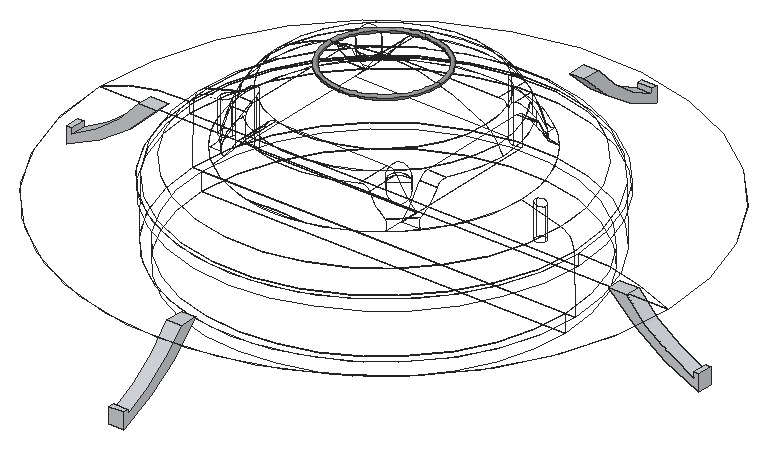
Revit family "Maxlogic Извещатель  с монтажным комплектом для установки извещателя в подвесной потолок", category Fire Alarm Devices, host Face, Revit 2021
Family settings
  Host = Face
  Maintain Annotation Orientation = Yes
  Round Connector Dimension = Use Diameter
  Part Type = Normal
  OmniClass Number = 23.85.30.21
  OmniClass Title = Environmental Detection/Registration
  Cut with Voids When Loaded = No
  Shared = No
  Room Calculation Point = No
Parameters (values of type "Maxlogic Неадресный максимальный тепловой извещатель, с монтажным комплектом для установки извещателя в подвесной потолок")
  Радиус обнаружения = "4,5 m"
  Вес = "135 гр"
  Монтажный короб для установки извещателя с поверхностной прокладкой кабеля = "ML-0121"
  Гарантийный срок = "Года"
  Гарантийный срок запчастей = "2"
  Гарантия срока службы = "2"
  Версия = ""
  URL = "https://www.mavili.com.tr/"
  Монтажный комплект для установки извещателя в подвесной потолок = "ML-0150"
  Номер позы общественных работ = "832-102"
  Класс защиты = ""
  Код продукта = "ML-2120"
  Номер телефона = "(+)90 216 466 45 05"
  Рабочее напряжение (по умолчанию) = "26В Пост. ток"
  Диапазон рабочего напряжения = "10-30В Пост. ток"
  Рабочая Температура = "(-10°C) - (+50°C)"
  Номинальная глубина = "51 мм"
  Номинальная ширина = "106 мм"
  Номинальная высота = "106 мм"
  Multi sensör halka = no
  Монтажная поверхность = "Потолочная"
  Монтажная высота = ""
  Model = "Maxlogic"
  Manufacturer = "Mavili Elektronik Ticaret A.Ş."
  Isı halka = yes
  Инструкция по установке = "https://mavilielektronik.com/Revit/ML21XX_RU.pdf"
  Выход индикации = "MG-4000"
  Номер факса = "(+)90 216 466 45 10"
  Резервное питание = ""
  Почта = "mavili@mavili.com.tr"
  Отказ = ""
  Настройка адреса устройства = ""
  Description = "Maxlogic Неадресный максимальный тепловой извещатель, с монтажным комплектом для установки извещателя в подвесной потолок"
  Default Elevation = 0 mm
  Потребление тока = ""
  Валюта = ""
  Cost = 0
  Совместимые базы для монтажа 2 = "ML-0141"
  Совместимые базы для монтажа = "ML-0140"
  Цвет = "Белый"
  Производительность кода = "EN 54-5"
  Главный Материал = "Белый пластмассовый PC/ABS"
  Вторичный материал = "Пластмассовый"
  Адрес №1 = "Şerifali Mahallesi Kutup Sokak No:27/1-2-4 Ümraniye TR-34775 İSTANBUL"
Types (11, lengths in mm): name | Радиус обнаружения | Вес | Номер позы общественных работ | Код продукта | Рабочее напряжение (по умолчанию) | Диапазон рабочего напряжения | Multi sensör halka | Isı halka | Инструкция по установке | Выход индикации | Настройка адреса устройства | Description | Производительность кода
  (no name) | "4,5 m" | "135 гр" | "832-102" | "ML-2120" | "26В Пост. ток" | "10-30В Пост. ток" | no | yes | "https://mavilielektronik.com/Revit/ML21XX_RU.pdf" | "MG-4000" | "" | "Maxlogic Неадресный максимальный тепловой извещатель, с монтажным комплектом для установки извещателя в подвесной потолок" | "EN 54-5"
  Maxlogic Неадресный извещатель дымовой оптико-электронный, с монтажным комплектом для установки | "6,2 m" | "140 гр" | "832-106" | "ML-2110" | "26В Пост. ток" | "10-30В Пост. ток" | no | no | "https://mavilielektronik.com/Revit/ML21XX_RU.pdf" | "MG-4000" | "" | "Maxlogic Неадресный извещатель дымовой оптико-электронный, с монтажным комплектом для установки\r\nизвещателя в подвесной потолок" | "EN 54-7"
  Maxlogic Адресный извещатель дымовой оптико-электронный, с монтажным комплектом для установки | "6,2 m" | "100 гр" | "833-500" | "ML-1110" | "26В Пост. ток" | "18-33В Пост. ток" | no | no | "https://mavilielektronik.com/Revit/ML11XX_RU.pdf" | "MG-4000.A" | "Модульная адресация" | "Maxlogic Адресный извещатель дымовой оптико-электронный, с монтажным комплектом для установки\r\nизвещателя в подвесной потолок" | "EN 54-7"
  Maxlogic Адресный извещатель дымовой оптико-электронный, с изолятором КЗ с монтажным комплектом для установки извещателя в подвесной потолок | "6,2 m" | "100 гр" | "833-501" | "ML-1110.SCI" | "26В Пост. ток" | "18-33В Пост. ток" | no | no | "https://mavilielektronik.com/Revit/ML11XX_RU.pdf" | "MG-4000.A" | "Модульная адресация" | "Maxlogic Адресный извещатель дымовой оптико-электронный, с изолятором КЗ с монтажным комплектом для установки извещателя в подвесной потолок" | "EN 54-7 / EN 54-17"
  Maxlogic Неадресный максимальный тепловой извещатель, с монтажным комплектом для установки извещателя в подвесной потолок | "4,5 m" | "135 гр" | "832-102" | "ML-2120" | "26В Пост. ток" | "10-30В Пост. ток" | no | yes | "https://mavilielektronik.com/Revit/ML21XX_RU.pdf" | "MG-4000" | "" | "Maxlogic Неадресный максимальный тепловой извещатель, с монтажным комплектом для установки извещателя в подвесной потолок" | "EN 54-5"
  Maxlogic Неадресный максимально-дифференциальный тепловой извещатель, с монтажным комплектом для установки извещателя в подвесной потолок | "4,5 m" | "135 гр" | "832-103" | "ML-2130" | "26В Пост. ток" | "10-30В Пост. ток" | no | yes | "https://mavilielektronik.com/Revit/ML21XX_RU.pdf" | "MG-4000" | "" | "Maxlogic Неадресный максимально-дифференциальный тепловой извещатель, с монтажным комплектом для установки извещателя в подвесной потолок" | "EN 54-5"
  Maxlogic Адресный тепловой извещатель, с монтажным комплектом для установки извещателя в подвесной потолок | "4,5 m" | "95 гр" | "833-520" | "ML-1130" | "26В Пост. ток" | "18-33В Пост. ток" | no | yes | "https://mavilielektronik.com/Revit/ML11XX_RU.pdf" | "MG-4000.A" | "Модульная адресация" | "Maxlogic Адресный тепловой извещатель, с монтажным комплектом для установки извещателя в подвесной потолок" | "EN 54-5"
  Maxlogic Адресный тепловой извещатель, с изолятором КЗ, с монтажным комплектом для установки извещателя в подвесной потолок | "4,5 m" | "95 гр" | "833-521" | "ML-1130.SCI" | "26В Пост. ток" | "18-33В Пост. ток" | no | yes | "https://mavilielektronik.com/Revit/ML11XX_RU.pdf" | "MG-4000.A" | "Модульная адресация" | "Maxlogic Адресный тепловой извещатель, с изолятором КЗ, с монтажным комплектом для установки извещателя в подвесной потолок" | "EN 54-5 / EN 54-17"
  Maxlogic Неадресный извещатель комбинированый (Дым + Тепла),с монтажным комплектом для установки извещателя в подвесной потолок | "4,5 m" | "141 гр" | "832-109" | "ML-2140" | "26В Пост. ток" | "10-30В Пост. ток" | yes | yes | "https://mavilielektronik.com/Revit/ML21XX_RU.pdf" | "MG-4000" | "" | "Maxlogic Неадресный извещатель комбинированый (Дым + Тепла),с монтажным комплектом для установки извещателя в подвесной потолок" | "EN 54-5 / EN 54-7"
  Maxlogic Адресный извещатель комбинированый (Дым + Тепла),с монтажным комплектом для установки извещателя в подвесной потолок | "4,5 m" | "100 гр" | "833-530" | "ML-1140" | "26В Пост. ток" | "18-33В Пост. ток" | yes | yes | "https://mavilielektronik.com/Revit/ML11XX_RU.pdf" | "MG-4000.A" | "Модульная адресация" | "Maxlogic Адресный извещатель комбинированый (Дым + Тепла),с монтажным комплектом для установки извещателя в подвесной потолок" | "EN 54-5 / EN 54-7 / EN 54-17"
  Maxlogic Адресный извещатель комбинированый (Дым + Тепла),с изолятором КЗ, с монтажным комплектом для установки извещателя в подвесной потолок | "4,5 m" | "100 гр" | "833-531" | "ML-1140.SCI" | "26 В Пост. ток" | "18-33В Пост. ток" | yes | yes | "https://mavilielektronik.com/Revit/ML11XX_RU.pdf" | "MG-4000.A" | "Модульная адресация" | "Maxlogic Адресный извещатель комбинированый (Дым + Тепла),с изолятором КЗ, с монтажным комплектом для установки извещателя в подвесной потолок" | "EN 54-5 / EN 54-7 / EN 54-17"
Reference planes
  plane 1 "Center (Front/Back)": y = 0
  plane 2: z = 0
  plane 3 "Center (Left/Right)": x = 0
Forms (mm)
  Revolve 1, solid, material "Mavili beyaz"
    sketch origin (0, 0, -16) x (1, 0, 0) y (0, 0, 1)
      loop
        line (-52.919, 5) -> (0, 5) -> (0, 51.518)
        arc (0, 51.518) -> (-14.553, 49.716) -> (-28.057, 44) r 53.06
        arc (-28.057, 44) -> (-30.023, 42.467) -> (-31.557, 40.5) r 10.149
        arc (-31.557, 40.5) -> (-33.994, 35.835) -> (-35.524, 30.799) r 28.268
        arc (-35.524, 30.799) -> (-36.595, 29.67) -> (-38, 29) r 4.27
        line (-38, 29) -> (-48.929, 26.072)
        arc (-48.929, 26.072) -> (-51.575, 24.32) -> (-52.634, 21.329) r 5
        line (-52.634, 21.329) -> (-52.919, 5)
      axis (0, 5) -> (0, 51.518)
    angle from 0 to 360
  Revolve 2, solid, material "Mavili beyaz"
    sketch origin (-150, 0, -16) x (1, 0, 0) y (0, 0, 1)
      loop
        line (99.626, 5) -> (99.626, 0) -> (149.926, 0) -> (149.926, 5) -> (99.626, 5)
      axis (149.926, 0) -> (149.926, 5)
    angle from 0 to 360
  Extrusion 3, void
    sketch origin (-0.604, 5.6, -16) x (0, -1, 0) y (0, 0, 1)
      loop
        spline (-12.932, 36.606) -> (-13.32, 35.909) -> (-13.72, 35.223) -> (-14.132, 34.547) -> (-14.556, 33.882) -> (-14.992, 33.229) -> (-15.439, 32.588) -> (-15.897, 31.958) -> (-16.366, 31.341) -> (-16.847, 30.737) -> (-17.338, 30.145) -> (-17.839, 29.566) -> (-18.351, 29)
        line (-18.351, 29) -> (29.551, 29)
        spline (29.551, 29) -> (28.951, 29.556) -> (28.363, 30.124) -> (27.786, 30.704) -> (27.219, 31.297) -> (26.664, 31.901) -> (26.121, 32.516) -> (25.589, 33.143) -> (25.07, 33.781) -> (24.562, 34.43) -> (24.067, 35.09) -> (23.585, 35.759) -> (23.115, 36.439)
        spline (23.115, 36.439) -> (22.965, 36.668) -> (22.796, 36.886) -> (22.611, 37.091) -> (22.411, 37.28) -> (22.199, 37.451) -> (21.978, 37.602) -> (21.751, 37.73) -> (21.521, 37.835) -> (21.289, 37.914) -> (21.06, 37.967) -> (20.837, 37.993) -> (20.618, 38)
        line (20.618, 38) -> (-10.439, 37.994)
        spline (-10.439, 37.994) -> (-10.678, 37.983) -> (-10.918, 37.951) -> (-11.159, 37.897) -> (-11.397, 37.822) -> (-11.63, 37.727) -> (-11.856, 37.613) -> (-12.072, 37.481) -> (-12.276, 37.332) -> (-12.466, 37.169) -> (-12.64, 36.992) -> (-12.796, 36.804) -> (-12.932, 36.606)
    from 23.347 to 38.235
  Extrusion 4, void
    sketch origin (5.6, -13.629, -16) x (-1, 0, 0) y (0, 0, -1)
      loop
        spline (-12.932, -36.606) -> (-12.796, -36.804) -> (-12.64, -36.992) -> (-12.466, -37.169) -> (-12.276, -37.332) -> (-12.072, -37.481) -> (-11.856, -37.613) -> (-11.63, -37.727) -> (-11.397, -37.822) -> (-11.159, -37.897) -> (-10.918, -37.951) -> (-10.678, -37.983) -> (-10.439, -37.994)
        line (-10.439, -37.994) -> (20.618, -38)
        spline (20.618, -38) -> (20.837, -37.993) -> (21.06, -37.967) -> (21.289, -37.914) -> (21.521, -37.835) -> (21.751, -37.73) -> (21.978, -37.602) -> (22.199, -37.451) -> (22.411, -37.28) -> (22.611, -37.091) -> (22.796, -36.886) -> (22.965, -36.668) -> (23.115, -36.439)
        spline (23.115, -36.439) -> (23.585, -35.759) -> (24.067, -35.09) -> (24.562, -34.43) -> (25.07, -33.781) -> (25.589, -33.143) -> (26.121, -32.516) -> (26.664, -31.901) -> (27.219, -31.297) -> (27.786, -30.704) -> (28.363, -30.124) -> (28.951, -29.556) -> (29.551, -29)
        line (29.551, -29) -> (-18.351, -29)
        spline (-18.351, -29) -> (-17.839, -29.566) -> (-17.338, -30.145) -> (-16.847, -30.737) -> (-16.366, -31.341) -> (-15.897, -31.958) -> (-15.439, -32.588) -> (-14.992, -33.229) -> (-14.556, -33.882) -> (-14.132, -34.547) -> (-13.72, -35.223) -> (-13.32, -35.909) -> (-12.932, -36.606)
    from 5.109 to 23.424
  Extrusion 5, void
    sketch origin (5.6, 59.203, -16) x (-1, 0, 0) y (0, 0, 1)
      loop
        spline (-12.932, 36.606) -> (-13.32, 35.909) -> (-13.72, 35.223) -> (-14.132, 34.547) -> (-14.556, 33.882) -> (-14.992, 33.229) -> (-15.439, 32.588) -> (-15.897, 31.958) -> (-16.366, 31.341) -> (-16.847, 30.737) -> (-17.338, 30.145) -> (-17.839, 29.566) -> (-18.351, 29)
        line (-18.351, 29) -> (29.551, 29)
        spline (29.551, 29) -> (28.951, 29.556) -> (28.363, 30.124) -> (27.786, 30.704) -> (27.219, 31.297) -> (26.664, 31.901) -> (26.121, 32.516) -> (25.589, 33.143) -> (25.07, 33.781) -> (24.562, 34.43) -> (24.067, 35.09) -> (23.585, 35.759) -> (23.115, 36.439)
        spline (23.115, 36.439) -> (22.965, 36.668) -> (22.796, 36.886) -> (22.611, 37.091) -> (22.411, 37.28) -> (22.199, 37.451) -> (21.978, 37.602) -> (21.751, 37.73) -> (21.521, 37.835) -> (21.289, 37.914) -> (21.06, 37.967) -> (20.837, 37.993) -> (20.618, 38)
        line (20.618, 38) -> (-10.439, 37.994)
        spline (-10.439, 37.994) -> (-10.678, 37.983) -> (-10.918, 37.951) -> (-11.159, 37.897) -> (-11.397, 37.822) -> (-11.63, 37.727) -> (-11.856, 37.613) -> (-12.072, 37.481) -> (-12.276, 37.332) -> (-12.466, 37.169) -> (-12.64, 36.992) -> (-12.796, 36.804) -> (-12.932, 36.606)
    from -39.5 to -20.535
  Extrusion 6, void
    sketch origin (39.396, 5.6, -16) x (0, -1, 0) y (0, 0, 1)
      loop
        spline (-12.932, 36.606) -> (-13.32, 35.909) -> (-13.72, 35.223) -> (-14.132, 34.547) -> (-14.556, 33.882) -> (-14.992, 33.229) -> (-15.439, 32.588) -> (-15.897, 31.958) -> (-16.366, 31.341) -> (-16.847, 30.737) -> (-17.338, 30.145) -> (-17.839, 29.566) -> (-18.351, 29)
        line (-18.351, 29) -> (29.551, 29)
        spline (29.551, 29) -> (28.951, 29.556) -> (28.363, 30.124) -> (27.786, 30.704) -> (27.219, 31.297) -> (26.664, 31.901) -> (26.121, 32.516) -> (25.589, 33.143) -> (25.07, 33.781) -> (24.562, 34.43) -> (24.067, 35.09) -> (23.585, 35.759) -> (23.115, 36.439)
        spline (23.115, 36.439) -> (22.965, 36.668) -> (22.796, 36.886) -> (22.611, 37.091) -> (22.411, 37.28) -> (22.199, 37.451) -> (21.978, 37.602) -> (21.751, 37.73) -> (21.521, 37.835) -> (21.289, 37.914) -> (21.06, 37.967) -> (20.837, 37.993) -> (20.618, 38)
        line (20.618, 38) -> (-10.439, 37.994)
        spline (-10.439, 37.994) -> (-10.678, 37.983) -> (-10.918, 37.951) -> (-11.159, 37.897) -> (-11.397, 37.822) -> (-11.63, 37.727) -> (-11.856, 37.613) -> (-12.072, 37.481) -> (-12.276, 37.332) -> (-12.466, 37.169) -> (-12.64, 36.992) -> (-12.796, 36.804) -> (-12.932, 36.606)
    from 0.766 to 15.446
  Extrusion 7, void
    sketch origin (1.322, 1.416, -12) x (0.087156, -0.996195, 0) y (-0.996195, -0.087156, 0)
      loop
        spline (16.87, 24.595) -> (16.963, 24.272) -> (17.107, 23.921) -> (17.305, 23.553) -> (17.56, 23.185) -> (17.87, 22.83) -> (18.224, 22.508) -> (18.612, 22.228) -> (19.022, 21.999) -> (19.436, 21.825) -> (19.839, 21.707) -> (20.213, 21.639) -> (20.55, 21.615)
        arc (20.55, 21.615) -> (22.96, 22.422) -> (24.65, 24.318) r 4.946
        spline (24.65, 24.318) -> (24.838, 24.591) -> (24.975, 24.904) -> (25.062, 25.252) -> (25.095, 25.63) -> (25.076, 26.032) -> (25.004, 26.452) -> (24.88, 26.884) -> (24.706, 27.321) -> (24.484, 27.757) -> (24.219, 28.185) -> (23.914, 28.599) -> (23.573, 28.992)
        spline (23.573, 28.992) -> (23.149, 29.264) -> (22.709, 29.497) -> (22.26, 29.69) -> (21.807, 29.839) -> (21.358, 29.942) -> (20.919, 29.998) -> (20.495, 30.005) -> (20.094, 29.964) -> (19.72, 29.875) -> (19.379, 29.74) -> (19.075, 29.561) -> (18.814, 29.339)
        arc (18.814, 29.339) -> (17.158, 27.248) -> (16.87, 24.595) r 4.815
    from -45.772 to -25
  Extrusion 8, void
    sketch origin (-1.322, -1.416, -12) x (-0.087156, 0.996195, 0) y (0.996195, 0.087156, 0)
      loop
        spline (16.87, 24.595) -> (16.963, 24.272) -> (17.107, 23.921) -> (17.305, 23.553) -> (17.56, 23.185) -> (17.87, 22.83) -> (18.224, 22.508) -> (18.612, 22.228) -> (19.022, 21.999) -> (19.436, 21.825) -> (19.839, 21.707) -> (20.213, 21.639) -> (20.55, 21.615)
        arc (20.55, 21.615) -> (22.96, 22.422) -> (24.65, 24.318) r 4.946
        spline (24.65, 24.318) -> (24.838, 24.591) -> (24.975, 24.904) -> (25.062, 25.252) -> (25.095, 25.63) -> (25.076, 26.032) -> (25.004, 26.452) -> (24.88, 26.884) -> (24.706, 27.321) -> (24.484, 27.757) -> (24.219, 28.185) -> (23.914, 28.599) -> (23.573, 28.992)
        spline (23.573, 28.992) -> (23.149, 29.264) -> (22.709, 29.497) -> (22.26, 29.69) -> (21.807, 29.839) -> (21.358, 29.942) -> (20.919, 29.998) -> (20.495, 30.005) -> (20.094, 29.964) -> (19.72, 29.875) -> (19.379, 29.74) -> (19.075, 29.561) -> (18.814, 29.339)
        arc (18.814, 29.339) -> (17.158, 27.248) -> (16.87, 24.595) r 4.815
    from -45.772 to -25
  Revolve 9, solid, material "Glass"
    sketch origin (0.301, -0.834, 20.83) x (0.996195, 0.087156, 0) y (-0.087156, 0.996195, 0)
      loop
        spline (-18.665, 27.53) -> (-19.251, 27.95) -> (-19.899, 28.27) -> (-20.595, 28.463) -> (-21.318, 28.496) -> (-22.023, 28.338) -> (-22.649, 27.979) -> (-23.134, 27.443) -> (-23.439, 26.785) -> (-23.559, 26.071) -> (-23.516, 25.347) -> (-23.339, 24.648) -> (-23.047, 23.981)
        spline (-23.047, 23.981) -> (-22.978, 23.855) -> (-22.905, 23.731) -> (-22.829, 23.609) -> (-22.75, 23.49) -> (-22.667, 23.372) -> (-22.58, 23.258) -> (-22.491, 23.145) -> (-22.398, 23.036) -> (-22.303, 22.929) -> (-22.204, 22.824) -> (-22.103, 22.722) -> (-21.998, 22.624)
        line (-21.998, 22.624) -> (-17.511, 26.168)
        spline (-17.511, 26.168) -> (-17.589, 26.296) -> (-17.67, 26.421) -> (-17.755, 26.544) -> (-17.843, 26.665) -> (-17.935, 26.783) -> (-18.03, 26.898) -> (-18.128, 27.01) -> (-18.229, 27.12) -> (-18.334, 27.227) -> (-18.441, 27.331) -> (-18.552, 27.432) -> (-18.665, 27.53)
      axis (-21.998, 22.624) -> (-17.511, 26.168)
    angle from 172.048 to -180
  Revolve 10, solid, material "Glass"
    sketch origin (-0.301, 0.834, 20.83) x (-0.996195, -0.087156, 0) y (0.087156, -0.996195, 0)
      loop
        spline (-18.665, 27.53) -> (-19.251, 27.95) -> (-19.899, 28.27) -> (-20.595, 28.463) -> (-21.318, 28.496) -> (-22.023, 28.338) -> (-22.649, 27.979) -> (-23.134, 27.443) -> (-23.439, 26.785) -> (-23.559, 26.071) -> (-23.516, 25.347) -> (-23.339, 24.648) -> (-23.047, 23.981)
        spline (-23.047, 23.981) -> (-22.978, 23.855) -> (-22.905, 23.731) -> (-22.829, 23.609) -> (-22.75, 23.49) -> (-22.667, 23.372) -> (-22.58, 23.258) -> (-22.491, 23.145) -> (-22.398, 23.036) -> (-22.303, 22.929) -> (-22.204, 22.824) -> (-22.103, 22.722) -> (-21.998, 22.624)
        line (-21.998, 22.624) -> (-17.511, 26.168)
        spline (-17.511, 26.168) -> (-17.589, 26.296) -> (-17.67, 26.421) -> (-17.755, 26.544) -> (-17.843, 26.665) -> (-17.935, 26.783) -> (-18.03, 26.898) -> (-18.128, 27.01) -> (-18.229, 27.12) -> (-18.334, 27.227) -> (-18.441, 27.331) -> (-18.552, 27.432) -> (-18.665, 27.53)
      axis (-21.998, 22.624) -> (-17.511, 26.168)
    angle from 172.048 to -180
  Sweep 11, solid, material "Mavili siyah.1", visible <- "Isı halka"
    path origin (0, 0, 33.5) x (0, 1, 0) y (-1, 0, 0)
      loop
        arc (14.84, 0.029) -> (10.47, 10.578) -> (-0.079, 14.948) r 14.919
        arc (-0.079, 14.948) -> (-10.638, 10.574) -> (-15.012, 0.015) r 14.932
        arc (-15.012, 0.015) -> (-10.638, -10.543) -> (-0.079, -14.917) r 14.932
        arc (-0.079, -14.917) -> (10.479, -10.538) -> (14.84, 0.029) r 14.919
    profile origin (10.538, 10.479, 33.5) x (0.706483, 0.70773, 0) y (0, 0, 1)
      loop
        circle (0, 0) r 0.5
  Sweep 12, solid, material "Mavili siyah.1", visible <- "Multi sensör halka"
    path origin (0, 0, 32.025) x (0, 1, 0) y (-1, 0, 0)
      loop
        arc (19.793, 0.005) -> (13.97, 14.063) -> (-0.088, 19.886) r 19.881
        arc (-0.088, 19.886) -> (-14.145, 14.063) -> (-19.968, 0.006) r 19.88
        arc (-19.968, 0.006) -> (-14.143, -14.057) -> (-0.079, -19.882) r 19.889
        arc (-0.079, -19.882) -> (13.978, -14.057) -> (19.793, 0.005) r 19.872
    profile origin (14.057, 13.978, 32.025) x (0.706832, 0.707382, 0) y (0, 0, 1)
      loop
        circle (0, 0) r 0.5
  Extrusion 13, void
    sketch origin (0, 0, 13) x (0, 1, 0) y (-1, 0, 0)
      loop
        circle (-2.981, 41.129) r 2
      loop
        circle (2.823, -41.129) r 1.5
    from 0 to -10
  Revolve 14, solid, material "Mavili beyaz"
    sketch origin (-14.86, -0.002, -23) x (0, 0, 1) y (-1, 0, 0)
      loop
        line (23, -14.86) -> (23, -93.56)
        arc (23, -93.56) -> (27.173, -81.372) -> (28.19, -68.53) r 51.479
        line (28.19, -68.53) -> (25.036, -68.53) -> (25.036, -14.86) -> (23, -14.86)
      axis (28.19, -14.86) -> (23, -14.86)
    angle from 0 to -360
  Extrusion 15, solid
    sketch origin (-1854.86, -0.002, -23) x (0, 0, 1) y (-1, 0, 0)
      loop
        line (23, -1922.328) -> (23, -1917.328)
        arc (23, -1917.328) -> (12.989, -1928.762) -> (6.137, -1942.328) r 60.593
        line (6.137, -1942.328) -> (10.433, -1942.328) -> (10.433, -1940.845) -> (9.063, -1940.845)
        arc (9.063, -1940.845) -> (14.882, -1930.721) -> (23, -1922.328) r 47.361
      loop
        arc (23, -1787.393) -> (14.882, -1779) -> (9.063, -1768.876) r 47.361
        line (9.063, -1768.876) -> (10.433, -1768.876) -> (10.433, -1767.393) -> (6.137, -1767.393)
        arc (6.137, -1767.393) -> (12.989, -1780.959) -> (23, -1792.393) r 60.593
        line (23, -1792.393) -> (23, -1787.393)
    from 0.489 to -3.501
  Extrusion 16, solid
    sketch origin (1.506, -1850.718, -22) x (0, 0, 1) y (0, -1, 0)
      loop
        line (23, -1922.328) -> (23, -1917.328)
        arc (23, -1917.328) -> (12.989, -1928.762) -> (6.137, -1942.328) r 60.593
        line (6.137, -1942.328) -> (10.433, -1942.328) -> (10.433, -1940.845) -> (9.063, -1940.845)
        arc (9.063, -1940.845) -> (14.882, -1930.721) -> (23, -1922.328) r 47.361
      loop
        arc (23, -1778.126) -> (14.882, -1769.733) -> (9.063, -1759.609) r 47.361
        line (9.063, -1759.609) -> (10.433, -1759.609) -> (10.433, -1758.126) -> (6.137, -1758.126)
        arc (6.137, -1758.126) -> (12.989, -1771.692) -> (23, -1783.126) r 60.593
        line (23, -1783.126) -> (23, -1778.126)
    from 0.489 to -3.501
Cuts and joins
  Extrusion 3, Extrusion 4, Extrusion 5, Extrusion 6, Extrusion 7, Extrusion 8, Extrusion 13 cuts Revolve 1
Dimensions and locks
  radius of Sweep 11 sketch curve = 0.5 mm
  aligned and locked: plane 2 to host face
  aligned and locked: level to host face
